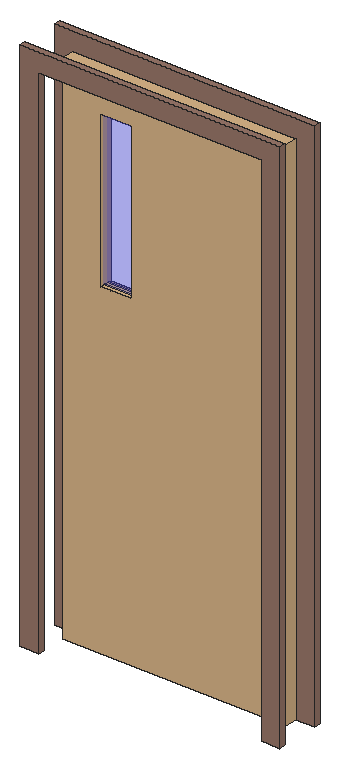
Revit family "Single-Flush Vision", category Doors, host Wall, Revit 2014
Parameters (values of type "36" x 84"")
  Visual Light Transmittance = 0
  Thickness = 0' - 2"
  Solar Heat Gain Coefficient = 0
  Construction Type Id = ""
  Heat Transfer Coefficient (U) = 0.6520 BTU/(h·ft²·°F)
  Function = Interior
  Assembly Code = "C1020"
  Door Material = Door - Panel
  Frame Material = Door - Frame
  Height = 7' - 0"
  Lite Height = 2' - 1"
  Lite Width = 0' - 5"
  Side Rail = 0' - 6"
  Top Rail = 0' - 6"
  Trim Projection = 0' - 1"
  Trim Width Ext. = 0' - 3"
  Trim Width Int. = 0' - 3"
  Wall Closure = By host
  Width = 3' - 0"
  Analytic Construction = Metal
Types (6): name | Height | Width
  36" x 84" | 7' - 0" | 3' - 0"
  32" x 84" | 7' - 0" | 2' - 8"
  30" x 84" | 7' - 0" | 2' - 6"
  30" x 80" | 6' - 8" | 2' - 6"
  36" x 80" | 6' - 8" | 3' - 0"
  24" x 82" | 6' - 10" | 2' - 0"
Reference planes (in)
  plane 1: y = 0
  plane 2: z = 0
  plane 3: x = 0
  plane 4: x = -18
  plane 5: x = 18
  plane 6: z = 84
  plane 7: x = -12
  plane 8: x = -7
  plane 9: z = 78
  plane 10: z = 53
Forms (in)
  Extrusion 1, solid, material "Door - Panel" <- "Door Material"
    sketch origin (-60, -3, 0) x (1, 0, 0) y (0, 0, 1)
      loop
        line (78, 84) -> (42, 84) -> (42, 0) -> (78, 0) -> (78, 84)
      loop
        line (53, 78) -> (48, 78) -> (48, 53) -> (53, 53) -> (53, 78)
    from -6 to -4
  Extrusion 2, solid, material "Glass"
    sketch origin (-60, 1, 0) x (1, 0, 0) y (0, 0, 1)
      loop
        line (53, 78) -> (48, 78) -> (48, 53) -> (53, 53) -> (53, 78)
    from -1.5 to -1.25
  Extrusion 3, solid, material "Glass"
    sketch origin (-60, 1, 0) x (1, 0, 0) y (0, 0, 1)
      loop
        line (48, 78) -> (48, 53) -> (53, 53) -> (53, 78) -> (48, 78)
    from -0.75 to -0.5
  Extrusion 4, solid, material "Door - Frame" <- "Frame Material"
    sketch origin (-60, -3, 0) x (1, 0, 0) y (0, 0, 1)
      loop
        line (42, 84) -> (78, 84) -> (78, 0) -> (81, 0) -> (81, 87) -> (39, 87) -> (39, 0) -> (42, 0) -> (42, 84)
    from 0 to 1
  Extrusion 5, solid, material "Door - Frame" <- "Frame Material"
    sketch origin (-60, 3, 0) x (-1, 0, 0) y (0, 0, 1)
      loop
        line (-81, 87) -> (-81, 0) -> (-78, 0) -> (-78, 84) -> (-42, 84) -> (-42, 0) -> (-39, 0) -> (-39, 87) -> (-81, 87)
    from 0 to 1
Lines and regions (in)
  Opening 1
    outline origin (-60, -3, 144) x (0, 0, -1) y (1, 0, 0)
      loop
        line (60, 42) -> (144, 42) -> (144, 78) -> (60, 78) -> (60, 42)
  symbolic lines, style "Plan Swing"
    curve 1: arc (18, 39, 0) -> (-7.45584, 28.45584, 0) -> (-18, 3, 0) r 36
  symbolic lines, style "DoorsPanelProjection"
    curve 2: line (18, 3, 0) -> (16, 3, 0)
    curve 3: line (18, 3, 0) -> (18, 39, 0)
    curve 4: line (18, 39, 0) -> (16, 39, 0)
    curve 5: line (16, 3, 0) -> (16, 39, 0)
  symbolic lines, style "Elevation Swing"
    curve 6: line (-18, 0, 84) -> (18, 0, 42)
    curve 7: line (18, 0, 42) -> (-18, 0, 0)
Dimensions and locks (in)
  equal spacing: plane 4, plane 3, plane 5
  "Width": plane 4 to plane 5
  host wall to curve 1 = 0' - 0"
  "Height": plane 6 to plane 2
  Extrusion 1 to Extrusion 2 to Extrusion 2 to Extrusion 3 to Extrusion 3 = 0' - 0 1/2" locked, 0' - 0 1/4" locked, 0' - 0 1/2" locked, 0' - 0 1/4" locked
  "Thickness": Extrusion 1 to Extrusion 1
  "Trim Projection": Extrusion 4 to Extrusion 4
  "Trim Projection": Extrusion 5 to Extrusion 5
  "Trim Width Int.": Extrusion 5 sketch curve to plane 4
  "Trim Width Int.": plane 5 to Extrusion 5 sketch curve
  "Trim Width Int.": plane 6 to Extrusion 5 sketch curve
  "Trim Width Ext.": plane 5 to Extrusion 4 sketch curve
  "Trim Width Ext.": Extrusion 4 sketch curve to plane 4
  "Trim Width Ext.": Extrusion 4 sketch curve to plane 6
  "Lite Width": plane 7 to plane 8
  "Side Rail": plane 4 to plane 7
  "Lite Height": plane 9 to plane 10
  "Top Rail": plane 6 to plane 9
  "Thickness": curve 5 to plane 5
  equal spacing: plane 6, curve 7, plane 2
  aligned and locked: plane 5 to Extrusion 1 sketch curve
  aligned and locked: Extrusion 1 sketch curve to plane 6
  aligned and locked: plane 4 to Extrusion 1 sketch curve
  aligned and locked: plane 8 to Extrusion 1 sketch curve
  aligned and locked: Extrusion 1 sketch curve to plane 9
  aligned and locked: plane 10 to Extrusion 1 sketch curve
  aligned and locked: plane 7 to Extrusion 1 sketch curve
  aligned and locked: Extrusion 2 sketch curve to Extrusion 1  (x4)
  aligned and locked: plane 7 to Extrusion 3 sketch curve
  aligned and locked: plane 9 to Extrusion 3 sketch curve
  aligned and locked: Extrusion 3 sketch curve to Extrusion 1  (x2)
  aligned and locked: host wall to Extrusion 1
  aligned and locked: Extrusion 4 to host wall
Automatic sketch dimensions
  Opening 1 sketch curve to plane 6 = 0' - 0"
  Opening 1 sketch curve to level = 0' - 0"
  Opening 1 sketch curve to plane 4 = 0' - 0"
  Opening 1 sketch curve to plane 5 = 0' - 0"
  curve 1 to plane 4 = 0' - 0"
  curve 3 to plane 5 = 0' - 0"
  curve 3 to curve 1 = 0' - 0"
  Extrusion 4 sketch curve to level = 0' - 0"  (x2)
  Extrusion 4 sketch curve to plane 4 = 0' - 0"
  Extrusion 4 sketch curve to plane 5 = 0' - 0"
  Extrusion 4 sketch curve to plane 6 = 0' - 0"
  Extrusion 5 sketch curve to level = 0' - 0"  (x2)
  Extrusion 5 sketch curve to plane 5 = 0' - 0"
  Extrusion 5 sketch curve to plane 4 = 0' - 0"
  Extrusion 5 sketch curve to plane 6 = 0' - 0"
  curve 6 to plane 4 = 0' - 0"
  curve 6 to plane 6 = 0' - 0"
  curve 7 to plane 5 = 0' - 0"
  curve 7 to level = 0' - 0"
  curve 7 to plane 4 = 0' - 0"
